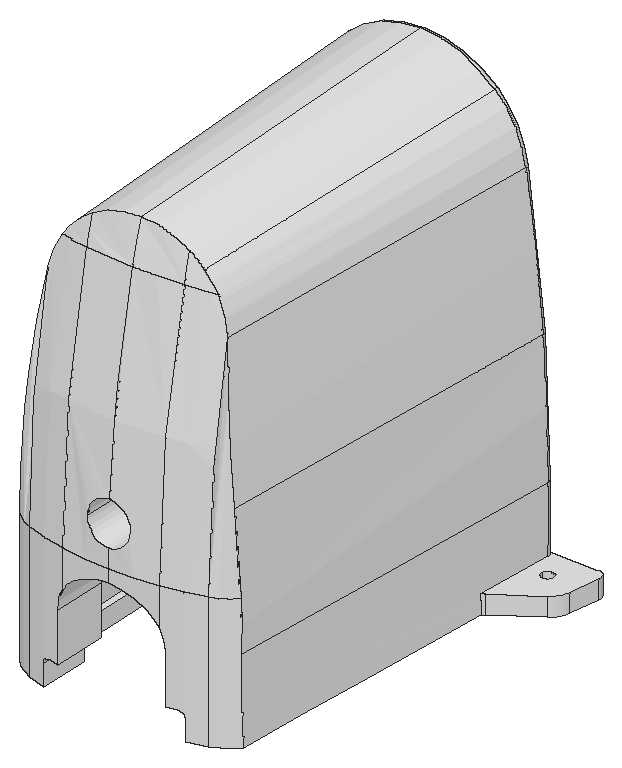
Revit family "Sink-Pedestal-KOHLER-Folio-K-11340X_1", category Specialty Equipment, host Face, Revit 2017
Family settings
  Host = Face
  Round Connector Dimension = Use Diameter
  Part Type = Normal
  OmniClass Number = 23.31.25.00
  OmniClass Title = Toilet and Bath Specialties
  Cut with Voids When Loaded = No
  Shared = No
  Room Calculation Point = No
Parameters (values of type "0-White")
  Width = 9 65/256"  # constant formula
  WaterSense Certified = 1 = 0  # no
  URL = "https://www.kohler.co.th/en"
  Type = 1
  Product Page URL = "https://www.kohler.co.th/en/productDetails/11340X?skuid=11340X-0"
  Product Name = "Folio"  # constant formula
  Product Documentation Link = "http://resources.kohler.com/plumbing/kohlerapac/pdf/1037277-X4-D.pdf"
  Model = "K-11340X-0"  # constant formula
  Material = "Vitreous China"  # constant formula
  Master Format 2014 Name = "Bath Accessories"  # constant formula
  Master Format 2014 = "10 28 16"  # constant formula
  Manufacturer Address = "16th Floor, Jasmine City Building 2, Soi Sukhumvit 23, Sukhumvit Road, Khlong Toei Nuea, Watthana, Bangkok 10110"  # constant formula
  Manufacturer = "KOHLER Co."  # constant formula
  Length = 11 107/256"  # constant formula
  Height = 10 5/32"  # constant formula
  Finish = Kohler-Vitreous_China-0-White
  Environmental Product Declaration = ""
  Description = "Half Pedestal"  # constant formula
  Default Elevation = 25"
  Declare Label = ""
  Date Modified = "06/26/2020"  # constant formula
  Date Created = "06/26/2020"  # constant formula
  Copyright = "Copyright KOHLER Co."  # constant formula
  Contact Us = "https://www.kohler.co.th/en/contact-us"
  Assembly Code = "C1030200"
  ADA Compliant = 1 = 0  # no
Reference planes
  plane 1 "Center (Front/Back)": y = 0
  plane 2: z = 0
  plane 3 "Center (Left/Right)": x = 0
  plane 4: y = 257.969
  plane 5: x = -117.5
  plane 6: y = 237.969
  plane 7: x = -95
  plane 8: x = 117.549
  plane 9: x = 95.049
  plane 10: z = 290.016
  plane 11: z = 113
Dimensions and locks
  "Height": plane 1 "Center (Front/Back)" to plane 4
  "Width": plane 5 to plane 8
  "Length": plane 10 to plane 2
  plane 4 to plane 6 = 0.7874"
  plane 5 to plane 7 = 0.88583"
  plane 9 to plane 8 = 0.88583"
  aligned and locked: plane 2 to host face
  aligned and locked: level to host face
Automatic sketch dimensions
  host sketch curve to host sketch curve = 96"  (x2)
Nested families
  nested 1: "K-11340X" at (0, 0, 0), type "K-11340X"
Definition of nested family "K-11340X"
  Parameters (values of type "K-11340T")
    Material = none
  Reference planes
    plane 1 "Center (Front/Back)": y = 0
    plane 2: z = 0
    plane 3 "Center (Left/Right)": x = 0
    plane 4: y = 258
    plane 5: z = 290
    plane 6: z = 12
    plane 7: x = -117.5
    plane 8: x = 117.5
    plane 9: y = 238
    plane 10: x = -95
    plane 11: x = 95
    plane 12: z = 113
  Forms (mm)
    Sweep 1, solid, material <- "Material", detail levels medium+fine
      path origin (0, 0, 0) x (1, 0, 0) y (0, 0, 1)
        loop
          arc (83.672, -16.404) -> (82.349, 19.074) -> (82.097, 54.576) r 1176.886
          arc (82.097, 54.576) -> (81.456, 97.102) -> (78.853, 139.553) r 921.718
          arc (78.853, 139.553) -> (74.217, 186.203) -> (68.206, 232.696) r 1588.836
          arc (68.206, 232.696) -> (61.386, 253.716) -> (47.933, 271.248) r 65.154
          arc (47.933, 271.248) -> (25.735, 285.145) -> (0, 290) r 70.636
          arc (0, 290) -> (-25.735, 285.145) -> (-47.933, 271.248) r 70.636
          arc (-47.933, 271.248) -> (-61.386, 253.716) -> (-68.206, 232.696) r 65.154
          arc (-68.206, 232.696) -> (-74.217, 186.203) -> (-78.853, 139.553) r 1588.836
          arc (-78.853, 139.553) -> (-81.456, 97.102) -> (-82.097, 54.576) r 921.718
          arc (-82.097, 54.576) -> (-82.349, 19.074) -> (-83.672, -16.404) r 1176.886
      profile origin (0, 0, 290) x (0, 0, -1) y (0, -1, 0)
        loop
          line (11.496, 10.299) -> (0.004, -253.931)
          arc (0.004, -253.931) -> (1.083, -256.797) -> (3.9, -258) r 3.9
          line (3.9, -258) -> (10.97, -258) -> (22.64, 10.299) -> (11.496, 10.299)
    Extrusion 2, solid, material <- "Material", detail levels medium+fine
      sketch origin (0, 0, 0) x (1, 0, 0) y (0, 1, 0)
        loop
          line (-62.5, 258) -> (-111.695, 258)
          arc (-111.695, 258) -> (-116.178, 255.967) -> (-117.603, 251.254) r 5.96
          line (-117.603, 251.254) -> (-114.945, 231.271)
          arc (-114.945, 231.271) -> (-112.834, 225.358) -> (-108.487, 220.828) r 15
          line (-108.487, 220.828) -> (-83.045, 203.598)
          arc (-83.045, 203.598) -> (-78.362, 198.495) -> (-76.471, 191.831) r 15
          line (-76.471, 191.831) -> (-69.006, 20.337) -> (-57.795, 20.337) -> (-62.5, 258)
      from 0 to 11.857
    Extrusion 3, solid, material <- "Material", detail levels medium+fine
      sketch origin (0, 0, 0) x (-1, 0, 0) y (0, -1, 0)
        loop
          line (-62.5, -258) -> (-57.795, -20.337) -> (-67.756, -20.337) -> (-75.164, -190.535)
          arc (-75.164, -190.535) -> (-77.162, -197.573) -> (-82.108, -202.964) r 15.842
          line (-82.108, -202.964) -> (-108.487, -220.828)
          arc (-108.487, -220.828) -> (-112.834, -225.358) -> (-114.945, -231.271) r 15
          line (-114.945, -231.271) -> (-117.603, -251.254)
          arc (-117.603, -251.254) -> (-116.178, -255.967) -> (-111.695, -258) r 5.96
          line (-111.695, -258) -> (-62.5, -258)
      from 0 to 11.857
    Extrusion 4, void
      sketch origin (0, 0, 0) x (0, 1, 0) y (0, 0, 1)
        loop
          line (268, 0) -> (-27, 0) -> (-27, -25) -> (268, -25) -> (268, 0)
      from -131.904 to 110.84
    Extrusion 5, void
      sketch origin (0, 0, 0) x (1, 0, 0) y (0, 1, 0)
        loop
          circle (-95, 238) r 3.963
        loop
          circle (95, 238) r 3.963
      from -13.424 to 23.265
    Extrusion 6, void
      sketch origin (0, 0, 0) x (1, 0, 0) y (0, 0, 1)
        loop
          arc (-24.138, 70.924) -> (-32.126, 61.662) -> (-35, 49.774) r 26.023
          line (-35, 49.774) -> (-35, 17.821) -> (-42.147, 17.821)
          arc (-42.147, 17.821) -> (-44.903, 16.679) -> (-46.045, 13.923) r 3.898
          line (-46.045, 13.923) -> (-46.045, -1.25) -> (46.045, -1.25) -> (46.045, 13.923)
          arc (46.045, 13.923) -> (44.903, 16.679) -> (42.147, 17.821) r 3.898
          line (42.147, 17.821) -> (35, 17.821) -> (35, 49.774)
          arc (35, 49.774) -> (32.126, 61.662) -> (24.138, 70.924) r 26.023
          arc (24.138, 70.924) -> (12.677, 76.695) -> (0, 78.682) r 41.431
          arc (0, 78.682) -> (-12.677, 76.695) -> (-24.138, 70.924) r 41.431
        loop
          circle (-0.101, 112.895) r 14
      from -53.423 to 13.525
    Extrusion 7, solid, material <- "Material", detail levels coarse
      sketch origin (0, 0, 0) x (1, 0, 0) y (0, 0, 1)
        loop
          arc (83.288, 0) -> (82.556, 27.283) -> (82.458, 54.576) r 1176.886
          arc (82.458, 54.576) -> (81.816, 97.102) -> (79.214, 139.553) r 921.718
          arc (79.214, 139.553) -> (74.577, 186.203) -> (68.567, 232.696) r 1588.836
          arc (68.567, 232.696) -> (61.747, 253.716) -> (48.293, 271.248) r 65.154
          arc (48.293, 271.248) -> (26.096, 285.145) -> (0.361, 290) r 70.636
          arc (0.361, 290) -> (-25.375, 285.145) -> (-47.572, 271.248) r 70.636
          arc (-47.572, 271.248) -> (-61.026, 253.716) -> (-67.846, 232.696) r 65.154
          arc (-67.846, 232.696) -> (-73.856, 186.203) -> (-78.493, 139.553) r 1588.836
          arc (-78.493, 139.553) -> (-81.095, 97.102) -> (-81.737, 54.576) r 921.718
          arc (-81.737, 54.576) -> (-81.835, 27.283) -> (-82.567, 0) r 1176.886
          line (-82.567, 0) -> (-71.334, 0) -> (-71.334, 21.087) -> (-71.127, 54.664)
          arc (-71.127, 54.664) -> (-70.493, 96.683) -> (-67.922, 138.629) r 910.747
          arc (-67.922, 138.629) -> (-63.317, 184.957) -> (-57.348, 231.129) r 1577.865
          arc (-57.348, 231.129) -> (-51.677, 248.61) -> (-40.488, 263.19) r 54.184
          arc (-40.488, 263.19) -> (-21.738, 274.929) -> (0, 279.03) r 59.666
          arc (0, 279.03) -> (21.738, 274.929) -> (40.488, 263.19) r 59.666
          arc (40.488, 263.19) -> (51.677, 248.61) -> (57.348, 231.129) r 54.184
          arc (57.348, 231.129) -> (63.317, 184.957) -> (67.922, 138.629) r 1577.865
          arc (67.922, 138.629) -> (70.493, 96.683) -> (71.127, 54.664) r 910.747
          line (71.127, 54.664) -> (71.334, 21.087) -> (71.334, 0) -> (83.288, 0)
      from -258 to 0
    Extrusion 8, solid, material <- "Material", detail levels coarse
      sketch origin (0, 0, 0) x (1, 0, 0) y (0, 1, 0)
        loop
          line (-82.567, 258) -> (-117.5, 258) -> (-117.5, 218) -> (-82.567, 187.633) -> (-82.567, 258)
        loop
          line (82.567, 258) -> (82.567, 187.633) -> (117.5, 218) -> (117.5, 258) -> (82.567, 258)
      from 0 to 12
    Extrusion 9, solid, material <- "Material", detail levels coarse
      sketch origin (0, 0, 0) x (1, 0, 0) y (0, 0, 1)
        loop
          arc (-81.737, 54.576) -> (-81.835, 27.283) -> (-82.567, 0) r 1176.886
          line (-82.567, 0) -> (83.288, 0)
          arc (83.288, 0) -> (82.556, 27.283) -> (82.458, 54.576) r 1176.886
          arc (82.458, 54.576) -> (81.816, 97.102) -> (79.214, 139.553) r 921.718
          arc (79.214, 139.553) -> (74.577, 186.203) -> (68.567, 232.696) r 1588.836
          arc (68.567, 232.696) -> (61.747, 253.716) -> (48.293, 271.248) r 65.154
          arc (48.293, 271.248) -> (26.096, 285.145) -> (0.361, 290) r 70.636
          arc (0.361, 290) -> (-25.375, 285.145) -> (-47.572, 271.248) r 70.636
          arc (-47.572, 271.248) -> (-61.026, 253.716) -> (-67.846, 232.696) r 65.154
          arc (-67.846, 232.696) -> (-73.856, 186.203) -> (-78.493, 139.553) r 1588.836
          arc (-78.493, 139.553) -> (-81.095, 97.102) -> (-81.737, 54.576) r 921.718
      from 0 to -16.65
    Extrusion 10, solid, material <- "Material", detail levels medium+fine
      sketch origin (0, 0, 0) x (1, 0, 0) y (0, 0, 1)
        loop
          line (-65.275, 0) -> (65.275, 0)
          arc (65.275, 0) -> (64.553, 27.354) -> (64.458, 54.717) r 1194.526
          arc (64.458, 54.717) -> (63.829, 96.429) -> (61.276, 138.068) r 904.078
          arc (61.276, 138.068) -> (56.691, 184.2) -> (50.748, 230.177) r 1571.196
          arc (50.748, 230.177) -> (45.774, 245.506) -> (35.963, 258.291) r 47.515
          arc (35.963, 258.291) -> (19.308, 268.718) -> (0, 272.36) r 52.997
          arc (0, 272.36) -> (-19.308, 268.718) -> (-35.963, 258.291) r 52.997
          arc (-35.963, 258.291) -> (-45.774, 245.506) -> (-50.748, 230.177) r 47.515
          arc (-50.748, 230.177) -> (-56.691, 184.2) -> (-61.276, 138.068) r 1571.196
          arc (-61.276, 138.068) -> (-63.829, 96.429) -> (-64.458, 54.717) r 904.078
          arc (-64.458, 54.717) -> (-64.553, 27.354) -> (-65.275, 0) r 1194.526
      from -37.727 to 10.299
    Sweep 11, void
      path origin (0, 0, 0) x (0, 1, 0) y (0, 0, 1)
        loop
          arc (38.464, 316.368) -> (28.569, 285.391) -> (20.118, 253.99) r 703.123
          arc (20.118, 253.99) -> (5.048, 171.099) -> (0, 87) r 703.123
          line (0, 87) -> (0, -13)
      profile origin (0, 0, 37) x (1, 0, 0) y (0, 1, 0)
        loop
          arc (-31.602, 2.134) -> (-45.087, 4.72) -> (-58.211, 8.759) r 125.86
          arc (-58.211, 8.759) -> (-69.868, 16.101) -> (-77.546, 27.54) r 33.224
          line (-77.546, 27.54) -> (-91.996, 27.54) -> (-91.996, -39.584) -> (0, -39.584) -> (91.996, -39.584) -> (91.996, 27.54) -> (77.546, 27.54)
          arc (77.546, 27.54) -> (69.868, 16.101) -> (58.211, 8.759) r 33.224
          arc (58.211, 8.759) -> (45.087, 4.72) -> (31.602, 2.134) r 125.86
          arc (31.602, 2.134) -> (15.837, 0.534) -> (0, 0) r 235.033
          arc (0, 0) -> (-15.837, 0.534) -> (-31.602, 2.134) r 235.033
  Cuts and joins
    Extrusion 4, Extrusion 6, Sweep 11 cuts Sweep 1
    Extrusion 5, Extrusion 6 cuts Extrusion 2
    Extrusion 5, Extrusion 6 cuts Extrusion 3
    Extrusion 6, Sweep 11 cuts Extrusion 10
    joined: Sweep 1, Extrusion 2, Extrusion 3, Extrusion 10
    joined: Extrusion 7, Extrusion 8, Extrusion 9
  Lines and regions (mm)
    Masking region 1
      outline origin (0, 0, 0) x (0, 1, 0) y (0, 0, 1)
        loop
          arc (258, 286.054) -> (256.794, 288.878) -> (253.92, 289.96) r 3.91
          line (253.92, 289.96) -> (31.324, 280.248)
          arc (31.324, 280.248) -> (28.476, 279.202) -> (26.757, 276.703) r 5
          arc (26.757, 276.703) -> (23.381, 265.363) -> (20.118, 253.99) r 1193.865
          arc (20.118, 253.99) -> (5.087, 182.009) -> (0.045, 108.648) r 536.224
          line (0.045, 108.648) -> (0.045, 78.438)
          arc (0.045, 78.438) -> (1.991, 64.165) -> (2.642, 49.774) r 159.491
          line (2.642, 49.774) -> (2.642, 17.821) -> (3.695, 17.821)
          arc (3.695, 17.821) -> (4.121, 17.698) -> (4.416, 17.368) r 0.801
          arc (4.416, 17.368) -> (4.811, 16.242) -> (4.945, 15.057) r 5.315
          line (4.945, 15.057) -> (4.945, 12) -> (20.337, 12) -> (20.337, 0) -> (258, 0) -> (258, 286.054)
    Masking region 2
      outline origin (0, 0, 0) x (1, 0, 0) y (0, 0, 1)
        loop
          arc (48.293, 271.248) -> (26.096, 285.145) -> (0.361, 290) r 70.636
          arc (0.361, 290) -> (-25.375, 285.145) -> (-47.572, 271.248) r 70.636
          arc (-47.572, 271.248) -> (-61.026, 253.716) -> (-67.846, 232.696) r 65.154
          arc (-67.846, 232.696) -> (-73.856, 186.203) -> (-78.493, 139.553) r 1588.836
          arc (-78.493, 139.553) -> (-81.095, 97.102) -> (-81.737, 54.576) r 921.718
          arc (-81.737, 54.576) -> (-81.759, 33.286) -> (-82.167, 12) r 1176.886
          line (-82.167, 12) -> (-117.5, 12) -> (-117.5, 0) -> (-57.795, 0) -> (-57.795, 12) -> (-46.045, 12) -> (-46.045, 13.923)
          arc (-46.045, 13.923) -> (-44.903, 16.679) -> (-42.147, 17.821) r 3.898
          line (-42.147, 17.821) -> (-35, 17.821) -> (-35, 49.774)
          arc (-35, 49.774) -> (-32.126, 61.662) -> (-24.138, 70.924) r 26.023
          arc (-24.138, 70.924) -> (-12.677, 76.695) -> (0, 78.682) r 41.431
          arc (0, 78.682) -> (12.677, 76.695) -> (24.138, 70.924) r 41.431
          arc (24.138, 70.924) -> (32.126, 61.662) -> (35, 49.774) r 26.023
          line (35, 49.774) -> (35, 17.821) -> (42.147, 17.821)
          arc (42.147, 17.821) -> (44.903, 16.679) -> (46.045, 13.923) r 3.898
          line (46.045, 13.923) -> (46.045, 12) -> (57.795, 12) -> (57.795, 0) -> (117.5, 0) -> (117.5, 12) -> (82.888, 12)
          arc (82.888, 12) -> (82.48, 33.286) -> (82.458, 54.576) r 1176.886
          arc (82.458, 54.576) -> (81.816, 97.102) -> (79.214, 139.553) r 921.718
          arc (79.214, 139.553) -> (74.577, 186.203) -> (68.567, 232.696) r 1588.836
          arc (68.567, 232.696) -> (61.747, 253.716) -> (48.293, 271.248) r 65.154
        loop
          circle (-0.101, 112.895) r 14
    Masking region 3
      outline origin (0, 0, 0) x (1, 0, 0) y (0, 1, 0)
        loop
          line (0, 258) -> (-111.477, 258)
          arc (-111.477, 258) -> (-116.008, 255.945) -> (-117.447, 251.183) r 6.023
          line (-117.447, 251.183) -> (-114.678, 230.36)
          arc (-114.678, 230.36) -> (-112.821, 225.159) -> (-108.997, 221.173) r 13.196
          line (-108.997, 221.173) -> (-86.909, 206.215)
          arc (-86.909, 206.215) -> (-82.226, 201.111) -> (-80.335, 194.447) r 15
          line (-80.335, 194.447) -> (-73.07, 27.54)
          arc (-73.07, 27.54) -> (-72.11, 22.231) -> (-69.767, 17.371) r 20
          arc (-69.767, 17.371) -> (-67.067, 14.105) -> (-63.739, 11.481) r 20
          arc (-63.739, 11.481) -> (-61.046, 9.976) -> (-58.211, 8.759) r 29.646
          arc (-58.211, 8.759) -> (-45.088, 4.719) -> (-31.602, 2.134) r 125.652
          arc (-31.602, 2.134) -> (-15.837, 0.536) -> (0, 0.003) r 235.348
          arc (0, 0.003) -> (15.837, 0.536) -> (31.602, 2.134) r 235.348
          arc (31.602, 2.134) -> (45.088, 4.719) -> (58.211, 8.759) r 125.652
          arc (58.211, 8.759) -> (61.046, 9.976) -> (63.739, 11.481) r 29.646
          arc (63.739, 11.481) -> (67.067, 14.105) -> (69.767, 17.371) r 20
          arc (69.767, 17.371) -> (72.11, 22.231) -> (73.07, 27.54) r 20
          line (73.07, 27.54) -> (80.335, 194.447)
          arc (80.335, 194.447) -> (82.226, 201.111) -> (86.909, 206.215) r 15
          line (86.909, 206.215) -> (108.997, 221.173)
          arc (108.997, 221.173) -> (112.821, 225.159) -> (114.678, 230.36) r 13.196
          line (114.678, 230.36) -> (117.447, 251.183)
          arc (117.447, 251.183) -> (116.008, 255.945) -> (111.477, 258) r 6.023
          line (111.477, 258) -> (0, 258)
        loop
          circle (-95, 238) r 3.963
        loop
          circle (95, 238) r 3.963
    symbolic lines, detail levels medium+fine
      curve 1: line (0, 12.641, 12) -> (0, 12.641, 57)
      curve 2: arc (0, 12.641, 57) -> (0, 12.46, 90.699) -> (0, 11.915, 124.394) r 3129.328
      curve 3: arc (0, 11.915, 124.394) -> (0, 15.943, 203.028) -> (0, 31.324, 280.248) r 541.879
      curve 4: line (0, 7.958, 12) -> (0, 7.958, 102)
      curve 5: line (0, 194.024, 12) -> (0, 258, 12)
      curve 6: line (0, 194.024, 12) -> (0, 194.024, 0)
      curve 7: arc (0, 6.917, 124.286) -> (0, 7.391, 161.706) -> (0, 10.424, 199.006) r 546.879
      curve 8: arc (0, 7.958, 102) -> (0, 7.697, 113.155) -> (0, 6.917, 124.286) r 239.079
      curve 9: arc (0, 10.424, 199.006) -> (0, 16.805, 238.23) -> (0, 26.757, 276.703) r 432.805
      curve 10: arc (71.127, 0, 54.664) -> (71.148, 0, 33.33) -> (71.553, 0, 12) r 1187.856
      curve 11: arc (71.127, 0, 54.664) -> (70.493, 0, 96.683) -> (67.922, 0, 138.629) r 910.747
      curve 12: arc (67.922, 0, 138.629) -> (63.317, 0, 184.957) -> (57.348, 0, 231.129) r 1577.865
      curve 13: arc (57.348, 0, 231.129) -> (51.677, 0, 248.61) -> (40.488, 0, 263.19) r 54.184
      curve 14: arc (40.488, 0, 263.19) -> (21.738, 0, 274.929) -> (0, 0, 279.03) r 59.666
      curve 15: arc (0, 0, 279.03) -> (-21.738, 0, 274.929) -> (-40.488, 0, 263.19) r 59.666
      curve 16: arc (-40.488, 0, 263.19) -> (-51.677, 0, 248.61) -> (-57.348, 0, 231.129) r 54.184
      curve 17: arc (-57.348, 0, 231.129) -> (-63.317, 0, 184.957) -> (-67.922, 0, 138.629) r 1577.865
      curve 18: arc (-67.922, 0, 138.629) -> (-70.493, 0, 96.683) -> (-71.127, 0, 54.664) r 910.747
      curve 19: arc (-71.127, 0, 54.664) -> (-71.148, 0, 33.33) -> (-71.553, 0, 12) r 1187.856
      curve 20: line (61.229, 0, 12) -> (61.229, 0, 67)
      curve 21: arc (61.229, 0, 67) -> (60.785, 0, 92.081) -> (59.455, 0, 117.131) r 709.117
      curve 22: arc (59.455, 0, 117.131) -> (56.257, 0, 155.402) -> (52.096, 0, 193.58) r 1524.043
      curve 23: arc (27.293, 0, 260.654) -> (14.267, 0, 266.851) -> (0, 0, 268.978) r 48.904
      curve 24: arc (47.4, 0, 232.155) -> (39.971, 0, 248.256) -> (27.293, 0, 260.654) r 48.948
      curve 25: line (52.096, 0, 193.58) -> (47.4, 0, 232.155)
      curve 26: line (-61.229, 0, 12) -> (-61.229, 0, 67)
      curve 27: arc (-61.229, 0, 67) -> (-60.785, 0, 92.081) -> (-59.455, 0, 117.131) r 709.117
      curve 28: arc (-59.455, 0, 117.131) -> (-56.257, 0, 155.402) -> (-52.096, 0, 193.58) r 1524.043
      curve 29: arc (-27.293, 0, 260.654) -> (-14.267, 0, 266.851) -> (0, 0, 268.978) r 48.904
      curve 30: arc (-47.4, 0, 232.155) -> (-39.971, 0, 248.256) -> (-27.293, 0, 260.654) r 48.948
      curve 31: line (-52.096, 0, 193.58) -> (-47.4, 0, 232.155)
      curve 32: line (71.553, 0, 12) -> (57.795, 0, 12)
      curve 33: line (-71.553, 0, 12) -> (-57.795, 0, 12)
      curve 34: line (-80.335, 194.447, 0) -> (-83.1, 258, 0)
      curve 35: line (80.335, 194.447, 0) -> (83.1, 258, 0)
      curve 36: arc (-8.865, 1.59, 0) -> (-4.435, 1.807, 0) -> (0, 1.879, 0) r 135.751
      curve 37: arc (-15.095, 0.485, 0) -> (-12.01, 1.209, 0) -> (-8.865, 1.59, 0) r 28.793
      curve 38: arc (8.865, 1.59, 0) -> (4.435, 1.807, 0) -> (0, 1.879, 0) r 135.751
      curve 39: arc (15.095, 0.485, 0) -> (12.01, 1.209, 0) -> (8.865, 1.59, 0) r 28.793
      curve 40: line (-32.911, 26.4, 0) -> (0.008, 26.4, 0)
      curve 41: line (-32.184, 38.771, 0) -> (-0.004, 38.771, 0)
      curve 42: line (-63.739, 11.481, 0) -> (-52.992, 19.641, 0)
      curve 43: line (-49.063, 33.09, 0) -> (-69.767, 17.371, 0)
      curve 44: arc (-32.184, 38.771, 0) -> (-41.089, 37.313, 0) -> (-49.063, 33.09, 0) r 27.914
      curve 45: arc (-52.992, 19.641, 0) -> (-43.505, 24.665, 0) -> (-32.911, 26.4, 0) r 33.209
      curve 46: line (32.911, 26.4, 0) -> (0.008, 26.4, 0)
      curve 47: line (63.739, 11.481, 0) -> (52.992, 19.641, 0)
      curve 48: arc (52.992, 19.641, 0) -> (43.505, 24.665, 0) -> (32.911, 26.4, 0) r 33.209
      curve 49: line (32.184, 38.771, 0) -> (-0.004, 38.771, 0)
      curve 50: line (49.063, 33.09, 0) -> (69.767, 17.371, 0)
      curve 51: arc (32.184, 38.771, 0) -> (41.089, 37.313, 0) -> (49.063, 33.09, 0) r 27.914
      curve 52: line (0, 253.92, 289.96) -> (0, 253.92, 12)
  Dimensions and locks
    plane 4 to plane 1 "Center (Front/Back)" = 10.15748"
    locked: plane 5 to plane 2 at 290
    locked: plane 6 to plane 2 at 12
    locked: plane 7 to plane 8 at 235
    locked: plane 9 to plane 4 at 20
    locked: plane 10 to plane 11 at 190
    plane 12 to plane 2 = 4.44882"
    aligned and locked: plane 2 to level
